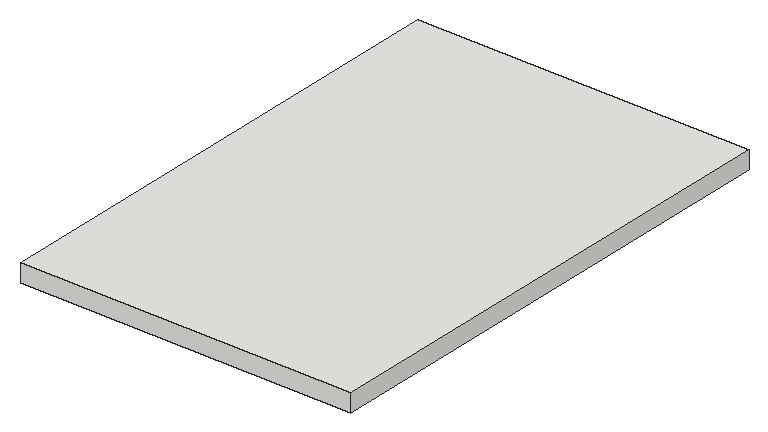
Revit family "SURVIVOR160xxWS8xxSx", category Oprawy oświetleniowe, Revit 2019
Family settings
  Obiekt nadrzędny = Powierzchnia
  Wymiar okrągłego złącza = Użyj średnicy
  Typ części = Normalny
  Numer OmniClass = 23.80.70.11
  Tytuł OmniClass = Luminaries for Internal Lighting
  Tnij formami wycięć po wczytaniu = Nie
  Źródło światła = Tak
  Współdzielony = Nie
  Punkt obliczania pomieszczeń = Nie
Parameters (values of type "SURVIVOR160NDWS840S0650-RF")
  width = 240 mm  # constant formula
  weight = "13,2"
  voltage type (AC, DC, UC) = "AC"
  rated input power = 43
  product name = "SURVIVOR160NDWS840S0650-RF"
  nominal voltage = "230"
  nominal frequency = "50-60Hz"
  length = 1600 mm  # constant formula
  ingress protection (IP) code = "IP65"
  height = 73 mm  # constant formula
  electrical safety class = "1"
  control gear = ""
  conformity mark = "CE"  # constant formula
  brand = "RIDI"
  approval mark = ""
  built-in parameter 1150104 = 13.8 (stored number, unit not read)
  Wattage = 46.0476 W
  Emituj z szerokości prostokąta = 1528 mm
  Emituj z długości prostokąta = 181 mm  # constant formula
  Default Elevation = 0 mm
  built-in parameter 1150113 = 1 (stored number, unit not read)
  built-in parameter 1114218 = 1 (stored number, unit not read)
  URL = "www.ridi.de"
  built-in parameter 1150134 = 12
  built-in parameter 1150109 = 1 (stored number, unit not read)
  built-in parameter 1150110 = 1 (stored number, unit not read)
  Apparent Load = 43 VA
  Tilt Angle = 90.00°
  Model = "0622223//420"
  built-in parameter 1114217 = 1 (stored number, unit not read)
  built-in parameter 1150139 = (empty or 0)
  built-in parameter 1150105 = 544.31 (stored number, unit not read)
  built-in parameter 1150114 = 1 (stored number, unit not read)
  Lumens = 6840 lm
  built-in parameter 1150115 = 1 (stored number, unit not read)
  built-in parameter 1150112 = 1 (stored number, unit not read)
  Lampa = "LED"
  Producent = "RIDI Leuchten GmbH"  # constant formula
  Dimming Lamp Color Temperature Shift = (empty or 0)
  Color Filter = 16777215
  built-in parameter 1150133 = 10 (stored number, unit not read)
  Emit Shape Visible in Rendering = no
  built-in parameter 1150137 = (empty or 0)
  built-in parameter 1150132 = 2
  Plik sieci fotometrycznej = "SURVIVOR160DAWS840S0700.IES"
  Copyright = "© RIDI. All rights reserved."  # constant formula
  built-in parameter 1150106 = 5.4431 (stored number, unit not read)
  Kod zespołu = "D5020200"
  built-in parameter 1150107 = 4000 (stored number, unit not read)
  built-in parameter 1150102 = (empty or 0)
  built-in parameter 1150138 = (empty or 0)
Types (5, lengths in mm): name | product name | Wattage | built-in parameter 1150134 | Model | built-in parameter 1150105 | Lumens | built-in parameter 1150106 | built-in parameter 1150107
  (no name) | "SURVIVOR160NDWS840S0650-RF" | 46.0476 W | 12 | "0622223//420" | 544.31 (stored number, unit not read) | 6840 lm | 5.4431 (stored number, unit not read) | 4000 (stored number, unit not read)
  SURVIVOR160DAWS830S0600 | "SURVIVOR160DAWS830S0600" | 43.6914 W | (empty or 0) | "0632219" | 516.46 (stored number, unit not read) | 6490 lm | 5.1646 (stored number, unit not read) | 3000 (stored number, unit not read)
  SURVIVOR160NDWS830S0600-RF | "SURVIVOR160NDWS830S0600-RF" | 43.6914 W | (empty or 0) | "0622219//420" | 516.46 (stored number, unit not read) | 6490 lm | 5.1646 (stored number, unit not read) | 3000 (stored number, unit not read)
  SURVIVOR160NDWS840S0650-RF | "SURVIVOR160NDWS840S0650-RF" | 46.0476 W | 12 | "0622223//420" | 544.31 (stored number, unit not read) | 6840 lm | 5.4431 (stored number, unit not read) | 4000 (stored number, unit not read)
  SURVIVOR160DAWS840S0650 | "SURVIVOR160DAWS840S0650" | 46.0476 W | 12 | "0632223" | 544.31 (stored number, unit not read) | 6840 lm | 5.4431 (stored number, unit not read) | 4000 (stored number, unit not read)
Reference planes
  plane 1 "Mitte (Vorne/hinten)": y = 0
  plane 2: z = 0
  plane 3 "Mitte (Links/rechts)": x = 0
Forms (mm)
  Extrusion 1, solid
    sketch origin (219.2, 280.8, 0) x (1, 0, 0) y (0, 1, 0)
      loop
        line (-1219.2, 1219.2) -> (-1219.2, -1780.8) -> (780.8, -1780.8) -> (780.8, 1219.2) -> (-1219.2, 1219.2)
    from 0 to -107.307
Dimensions and locks
  locked: import instance to imposter light at 24
  aligned and locked: plane 2 to Extrusion 1
  aligned and locked: level to Extrusion 1
  aligned and locked: import instance to Extrusion 1
Connectors
  electrical at (53.526, -773.6, 2.275), driven by "Apparent Load"
    settings: on import instance, index 1, voltage 230 V, apparent load 0 VA, apparent load phase1 43 VA, apparent load phase2 0 VA, apparent load phase3 0 VA, power factor 1, load classification "Lighting", number of poles 1, system type 31, power factor state 1, is connector primary yes, connector utility no, sub classification motor no, connector description ""
